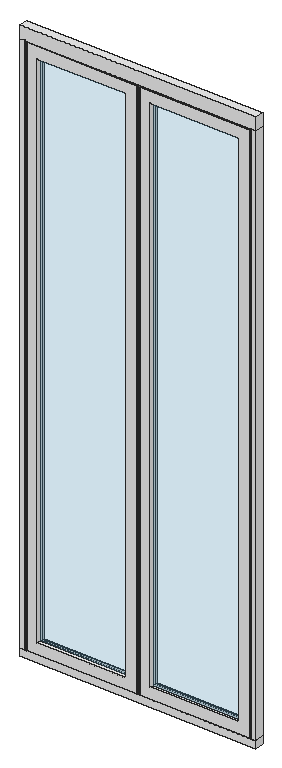
Revit family "Window-NanaWall-SL-45", category Windows, host Wall, Revit 2013 (continued)
Definition of nested family "Left-Jamb_SL-45"
  Definition of nested family "Left-Jamb_Nana_Walls-S45"
    Lines and regions (in)
      model lines, style "DetailComponents", in view "Ref. Level", visible <- "Half"
        curve 43: arc (1.22037, 0.17913, 0) -> (1.23429, 0.1849, 0) -> (1.24006, 0.19882, 0) r 0.01969
        curve 44: arc (1.03994, 0.17913, 0) -> (1.05083, 0.18242, 0) -> (1.05809, 0.19119, 0) r 0.01969
        curve 45: arc (0.99409, 0.23819, 0) -> (1.00989, 0.21889, 0) -> (1.03193, 0.23056, 0) r 0.01969
        curve 46: arc (0.94488, 0.19882, 0) -> (0.95065, 0.1849, 0) -> (0.96457, 0.17913, 0) r 0.01969
        curve 47: arc (1.10247, 0.34331, 0) -> (1.09516, 0.34745, 0) -> (1.08827, 0.34264, 0) r 0.00787
        curve 48: arc (1.22037, -0.90354, 0) -> (1.23429, -0.89778, 0) -> (1.24006, -0.88386, 0) r 0.01969
        curve 49: line (2.90731, -0.23763, 0) -> (3.10664, -0.30969, 0)
        curve 50: line (3.3831, -0.30609, 0) -> (3.42144, -0.25133, 0)
        curve 51: line (3.48536, -0.27781, 0) -> (3.46006, -0.42126, 0)
        curve 52: line (3.46006, -0.42126, 0) -> (3.40551, -0.45276, 0)
        curve 53: line (3.40551, -0.45276, 0) -> (3.40551, -0.37402, 0)
        curve 54: line (3.40551, -0.37402, 0) -> (3.30709, -0.37402, 0)
        curve 55: line (3.30709, -0.37402, 0) -> (3.30709, -0.40551, 0)
        curve 56: line (3.30709, -0.40551, 0) -> (2.89256, -0.28249, 0)
        curve 57: line (3.43343, 0.55118, 0) -> (3.30877, 0.55118, 0)
        curve 58: line (3.40551, 0.70866, 0) -> (3.30709, 0.70866, 0)
        curve 59: line (3.30709, 0.70866, 0) -> (3.30709, 0.74803, 0)
        curve 60: line (3.30709, 0.74803, 0) -> (3.34646, 0.74803, 0)
        curve 61: line (3.34646, 0.74803, 0) -> (3.29218, 0.80231, 0)
        curve 62: line (3.26213, 0.79968, 0) -> (3.25545, 0.79013, 0)
        curve 63: line (3.02756, 0.67126, 0) -> (3.24195, 0.67126, 0)
        curve 64: line (3.19094, 0.75655, 0) -> (3.15157, 0.75655, 0)
        curve 65: line (3.08707, 0.79013, 0) -> (3.08039, 0.79968, 0)
        curve 66: line (3.05034, 0.80231, 0) -> (2.99606, 0.74803, 0)
        curve 67: line (2.99606, 0.74803, 0) -> (3.02756, 0.74803, 0)
        curve 68: line (3.02756, 0.74803, 0) -> (3.02756, 0.70866, 0)
        curve 69: line (3.02756, 0.70866, 0) -> (2.99606, 0.70866, 0)
        curve 70: line (2.99606, 0.70866, 0) -> (2.99606, 0.70079, 0)
        curve 71: line (1.24006, -0.19882, 0) -> (1.24006, -0.3937, 0)
        curve 72: line (1.24006, -0.3937, 0) -> (1.29878, -0.3937, 0)
        curve 73: line (1.29786, -0.39024, 0) -> (1.31102, -0.39707, 0)
        curve 74: line (1.31102, -0.39707, 0) -> (1.323, -0.36417, 0)
        curve 75: line (1.323, -0.36417, 0) -> (1.39764, -0.43882, 0)
        curve 76: line (1.39764, -0.43882, 0) -> (1.39764, -0.64386, 0)
        curve 77: line (1.39764, -0.64386, 0) -> (1.323, -0.7185, 0)
        curve 78: line (1.323, -0.7185, 0) -> (1.31102, -0.68561, 0)
        curve 79: line (1.31102, -0.68561, 0) -> (1.29786, -0.69244, 0)
        curve 80: line (1.29878, -0.68898, 0) -> (1.24006, -0.68898, 0)
        curve 81: line (1.24006, -0.68898, 0) -> (1.24006, -0.88386, 0)
        curve 82: line (1.22037, -0.90354, 0) -> (1.1688, -0.90354, 0)
        curve 83: line (1.1688, -0.90354, 0) -> (1.22037, -0.90354, 0)
        curve 84: line (1.03994, -0.90354, 0) -> (0.96457, -0.90354, 0)
        curve 85: line (0.96457, -0.90354, 0) -> (1.03994, -0.90354, 0)
        curve 86: line (1.15391, -0.81442, 0) -> (1.10987, -0.66983, 0)
        curve 87: line (1.37008, -0.46693, 0) -> (1.34007, -0.43693, 0)
        curve 88: line (1.34007, -0.43693, 0) -> (1.27165, -0.44291, 0)
        curve 89: line (1.27165, -0.44291, 0) -> (1.27165, -0.63976, 0)
        curve 90: line (1.27165, -0.63976, 0) -> (1.34007, -0.64575, 0)
        curve 91: line (1.34007, -0.64575, 0) -> (1.37008, -0.61574, 0)
        curve 92: line (1.37008, -0.61574, 0) -> (1.37008, -0.46693, 0)
        curve 93: line (1.19094, -0.27756, 0) -> (1.19094, -0.48737, 0)
        curve 94: line (1.19094, -0.48737, 0) -> (1.2126, -0.53068, 0)
        curve 95: line (1.2126, -0.53068, 0) -> (1.2126, -0.54134, 0)
        curve 96: line (1.2126, -0.54134, 0) -> (1.2126, -0.552, 0)
        curve 97: line (1.2126, -0.552, 0) -> (1.19094, -0.59531, 0)
        curve 98: line (1.19094, -0.59531, 0) -> (1.19094, -0.80512, 0)
        curve 99: line (1.03193, -0.85212, 0) -> (1.07437, -0.67151, 0)
        curve 100: line (0.99409, -0.23819, 0) -> (0.99409, -0.54134, 0)
        curve 101: line (0.99409, -0.54134, 0) -> (0.99409, -0.84449, 0)
        curve 102: line (1.15145, -0.89316, 0) -> (1.10247, -0.73937, 0)
        curve 103: line (1.05809, -0.89149, 0) -> (1.08827, -0.74004, 0)
        curve 104: line (1.1688, -0.17913, 0) -> (1.22037, -0.17913, 0)
        curve 105: line (1.15145, -0.18952, 0) -> (1.10247, -0.34331, 0)
        curve 106: line (0.96457, -0.17913, 0) -> (1.03994, -0.17913, 0)
        curve 107: line (1.05809, -0.19119, 0) -> (1.08827, -0.34264, 0)
        curve 108: line (1.15391, -0.26826, 0) -> (1.10987, -0.41284, 0)
        curve 109: line (0.94488, -0.19882, 0) -> (0.94488, -0.88386, 0)
        curve 110: line (1.03193, -0.23056, 0) -> (1.07437, -0.41117, 0)
        curve 111: line (1.24006, 0.19882, 0) -> (1.24006, 0.3937, 0)
        curve 112: line (1.24006, 0.3937, 0) -> (1.29878, 0.3937, 0)
        curve 113: line (1.29786, 0.39024, 0) -> (1.31102, 0.39707, 0)
        curve 114: line (1.31102, 0.39707, 0) -> (1.323, 0.36417, 0)
        curve 115: line (1.323, 0.36417, 0) -> (1.39764, 0.43882, 0)
        curve 116: line (1.39764, 0.43882, 0) -> (1.39764, 0.64386, 0)
        curve 117: line (1.39764, 0.64386, 0) -> (1.323, 0.7185, 0)
        curve 118: line (1.323, 0.7185, 0) -> (1.31102, 0.68561, 0)
        curve 119: line (1.31102, 0.68561, 0) -> (1.29786, 0.69244, 0)
        curve 120: line (1.29878, 0.68898, 0) -> (1.24006, 0.68898, 0)
        curve 121: line (1.24006, 0.68898, 0) -> (1.24006, 0.88583, 0)
        curve 122: line (1.15391, 0.81442, 0) -> (1.10987, 0.66983, 0)
        curve 123: line (1.37008, 0.46693, 0) -> (1.34007, 0.43693, 0)
        curve 124: line (1.34007, 0.43693, 0) -> (1.27165, 0.44291, 0)
        curve 125: line (1.27165, 0.44291, 0) -> (1.27165, 0.63976, 0)
        curve 126: line (1.27165, 0.63976, 0) -> (1.34007, 0.64575, 0)
        curve 127: line (1.34007, 0.64575, 0) -> (1.37008, 0.61574, 0)
        curve 128: line (1.37008, 0.61574, 0) -> (1.37008, 0.46693, 0)
        curve 129: line (1.19094, 0.27756, 0) -> (1.19094, 0.48737, 0)
        curve 130: line (1.19094, 0.48737, 0) -> (1.2126, 0.53068, 0)
        curve 131: line (1.2126, 0.53068, 0) -> (1.2126, 0.54134, 0)
        curve 132: line (1.2126, 0.54134, 0) -> (1.2126, 0.552, 0)
        curve 133: line (1.2126, 0.552, 0) -> (1.19094, 0.59531, 0)
        curve 134: line (1.19094, 0.59531, 0) -> (1.19094, 0.80512, 0)
        curve 135: line (1.03193, 0.85212, 0) -> (1.07437, 0.67151, 0)
        curve 136: line (0.99409, 0.23819, 0) -> (0.99409, 0.54134, 0)
        curve 137: line (0.99409, 0.54134, 0) -> (0.99409, 0.84449, 0)
        curve 138: line (1.15145, 0.89316, 0) -> (1.10247, 0.73937, 0)
        curve 139: line (1.05809, 0.89149, 0) -> (1.08827, 0.74004, 0)
        curve 140: line (1.1688, 0.17913, 0) -> (1.22037, 0.17913, 0)
        curve 141: line (1.15145, 0.18952, 0) -> (1.10247, 0.34331, 0)
        curve 142: line (0.96457, 0.17913, 0) -> (1.03994, 0.17913, 0)
        curve 143: line (1.05809, 0.19119, 0) -> (1.08827, 0.34264, 0)
        curve 144: line (1.15391, 0.26826, 0) -> (1.10987, 0.41284, 0)
        curve 145: line (0.94488, 0.19882, 0) -> (0.94488, 0.88583, 0)
        curve 146: line (1.03193, 0.23056, 0) -> (1.07437, 0.41117, 0)
        curve 147: arc (0.97126, -0.91394, 0) -> (0.9793, -0.90668, 0) -> (0.98228, -0.89626, 0) r 0.01969
        curve 148: circle (1.09252, -1.16142, 0) r 0.12205 normal (0, 0, 1)
        curve 149: circle (1.09252, -1.16142, 0) r 0.15748 normal (0, 0, 1)
        curve 150: arc (0.97126, -0.91394, 0) -> (0.94669, -1.39526, 0) -> (1.36811, -1.16142, 0) r 0.27559
        curve 151: circle (1.09252, -1.16142, 0) r 0.17717 normal (0, 0, 1)
        curve 152: circle (1.09252, -1.16142, 0) r 0.14764 normal (0, 0, 1)
        curve 153: arc (0.8563, -1.16142, 0) -> (1.2145, -1.3637, 0) -> (1.20276, -0.9525, 0) r 0.23622
        curve 154: circle (1.09252, -1.16142, 0) r 0.12795 normal (0, 0, 1)
        curve 155: line (1.16339, -0.97777, 0) -> (1.20276, -0.9525, 0)
        curve 156: line (0.97441, -0.88583, 0) -> (0.91535, -0.88583, 0)
        curve 157: line (0.91535, -0.88583, 0) -> (0.8563, -0.90165, 0)
        curve 158: line (0.8563, -0.90165, 0) -> (0.8563, -1.16142, 0)
        curve 159: line (0.98228, -0.89626, 0) -> (0.98228, -0.88583, 0)
        curve 160: line (1.21063, -0.88583, 0) -> (1.26969, -0.88583, 0)
        curve 161: line (1.26969, -0.88583, 0) -> (1.36811, -0.9122, 0)
        curve 162: line (1.36811, -0.9122, 0) -> (1.36811, -1.16142, 0)
        curve 163: line (1.09252, -1.55512, 0) -> (1.09252, -0.76772, 0)
        curve 164: line (0.69882, -1.16142, 0) -> (1.48622, -1.16142, 0)
        curve 165: line (1.20276, -0.88583, 0) -> (1.20276, -0.9525, 0)
        curve 194: arc (1.24063, 0.27988, 0) -> (1.24448, 0.26328, 0) -> (1.25984, 0.25591, 0) r 0.01969
        curve 195: arc (1.24006, 0.70165, 0) -> (1.24606, 0.79374, 0) -> (1.24016, 0.88583, 0) r 0.71502
        curve 196: arc (1.24006, 0.27735, 0) -> (1.24606, 0.32902, 0) -> (1.24006, 0.38069, 0) r 0.22532
        curve 197: arc (1.43307, 0.79528, 0) -> (1.42731, 0.8092, 0) -> (1.41339, 0.81496, 0) r 0.01969
        curve 198: arc (1.29134, 0.68898, 0) -> (1.29691, 0.69128, 0) -> (1.29921, 0.69685, 0) r 0.00787
        curve 199: arc (1.61417, 0.72835, 0) -> (1.6257, 0.70051, 0) -> (1.65354, 0.68898, 0) r 0.03937
        curve 200: arc (1.6811, 0.30315, 0) -> (1.67534, 0.31707, 0) -> (1.66142, 0.32283, 0) r 0.01969
        curve 201: arc (1.41339, 0.31496, 0) -> (1.42731, 0.32073, 0) -> (1.43307, 0.33465, 0) r 0.01969
        curve 202: arc (1.29921, 0.38583, 0) -> (1.29691, 0.39139, 0) -> (1.29134, 0.3937, 0) r 0.00787
        curve 203: arc (1.61417, 0.23622, 0) -> (1.60841, 0.25014, 0) -> (1.59449, 0.25591, 0) r 0.01969
        curve 204: arc (2.43307, 0.5315, 0) -> (2.41915, 0.52573, 0) -> (2.41339, 0.51181, 0) r 0.01969
        curve 205: arc (2.34646, 0.14837, 0) -> (2.34945, 0.1333, 0) -> (2.35799, 0.12053, 0) r 0.03937
        curve 206: arc (2.94094, 0.74803, 0) -> (2.95248, 0.72019, 0) -> (2.98031, 0.70866, 0) r 0.03937
        curve 207: arc (2.55906, 0.48031, 0) -> (2.56214, 0.47407, 0) -> (2.56897, 0.47271, 0) r 0.00787
        curve 208: arc (2.61811, 0.54545, 0) -> (2.61312, 0.55855, 0) -> (2.60068, 0.565, 0) r 0.01969
        curve 209: arc (2.56897, 0.1139, 0) -> (2.56214, 0.11255, 0) -> (2.55906, 0.1063, 0) r 0.00787
        curve 210: arc (2.52545, 0.05329, 0) -> (2.5469, 0.04902, 0) -> (2.55906, 0.06721, 0) r 0.01969
        curve 211: arc (1.25984, -0.25591, 0) -> (1.24448, -0.26328, 0) -> (1.24063, -0.27988, 0) r 0.01969
        curve 212: arc (1.24006, -0.38069, 0) -> (1.24606, -0.32902, 0) -> (1.24006, -0.27735, 0) r 0.22532
        curve 213: arc (1.24016, -0.88583, 0) -> (1.24606, -0.79374, 0) -> (1.24006, -0.70165, 0) r 0.71502
        curve 214: arc (1.59449, -0.25591, 0) -> (1.60841, -0.25014, 0) -> (1.61417, -0.23622, 0) r 0.01969
        curve 215: arc (1.29134, -0.3937, 0) -> (1.29691, -0.39139, 0) -> (1.29921, -0.38583, 0) r 0.00787
        curve 216: arc (1.43307, -0.33465, 0) -> (1.42731, -0.32073, 0) -> (1.41339, -0.31496, 0) r 0.01969
        curve 217: arc (1.66142, -0.32283, 0) -> (1.67534, -0.31707, 0) -> (1.6811, -0.30315, 0) r 0.01969
        curve 218: arc (2.38583, -0.25197, 0) -> (2.35799, -0.2635, 0) -> (2.34646, -0.29134, 0) r 0.03937
        curve 219: arc (2.43307, -0.32283, 0) -> (2.41915, -0.3286, 0) -> (2.41339, -0.34252, 0) r 0.01969
        curve 220: arc (1.29921, -0.69685, 0) -> (1.29691, -0.69128, 0) -> (1.29134, -0.68898, 0) r 0.00787
        curve 221: arc (1.41339, -0.81496, 0) -> (1.42731, -0.8092, 0) -> (1.43307, -0.79528, 0) r 0.01969
        curve 222: arc (1.65354, -0.68898, 0) -> (1.6257, -0.70051, 0) -> (1.61417, -0.72835, 0) r 0.03937
        curve 223: arc (2.41339, -0.80709, 0) -> (2.41915, -0.82101, 0) -> (2.43307, -0.82677, 0) r 0.01969
        curve 224: arc (2.55906, -0.38583, 0) -> (2.56214, -0.39207, 0) -> (2.56897, -0.39343, 0) r 0.00787
        curve 225: arc (2.61811, -0.70241, 0) -> (2.6122, -0.79412, 0) -> (2.61811, -0.88583, 0) r 0.71502
        curve 226: arc (2.56897, -0.68924, 0) -> (2.56214, -0.6906, 0) -> (2.55906, -0.69685, 0) r 0.00787
        curve 227: arc (2.49522, -0.37469, 0) -> (2.49003, -0.38145, 0) -> (2.48819, -0.38977, 0) r 0.01969
        curve 228: arc (2.55906, -0.34646, 0) -> (2.55234, -0.3358, 0) -> (2.53983, -0.33726, 0) r 0.01181
        curve 229: arc (2.48819, -0.40157, 0) -> (2.49395, -0.41549, 0) -> (2.50787, -0.42126, 0) r 0.01969
        curve 230: arc (2.50394, -0.64961, 0) -> (2.48939, -0.65933, 0) -> (2.4928, -0.67649, 0) r 0.01575
        curve 231: arc (2.51836, -0.70205, 0) -> (2.52427, -0.70472, 0) -> (2.53019, -0.70205, 0) r 0.00787
        curve 232: arc (2.68321, -0.36825, 0) -> (2.6896, -0.37252, 0) -> (2.69713, -0.37402, 0) r 0.01969
        curve 233: arc (2.67899, -0.36403, 0) -> (2.67261, -0.35977, 0) -> (2.66507, -0.35827, 0) r 0.01969
        curve 234: arc (3.02756, -0.38583, 0) -> (3.0241, -0.37748, 0) -> (3.01575, -0.37402, 0) r 0.01181
        curve 235: arc (2.93307, -0.49213, 0) -> (2.94691, -0.52553, 0) -> (2.98031, -0.53937, 0) r 0.04724
        curve 236: arc (2.6811, -0.69685, 0) -> (2.66726, -0.66344, 0) -> (2.63386, -0.64961, 0) r 0.04724
        curve 237: arc (3.3189, -0.37402, 0) -> (3.31055, -0.37748, 0) -> (3.30709, -0.38583, 0) r 0.01181
        curve 288: line (1.6811, 0.30315, 0) -> (1.6811, -0.30315, 0)
        curve 289: line (2.41339, 0.51181, 0) -> (2.41339, 0.16535, 0)
        curve 290: line (2.41339, 0.16535, 0) -> (2.52545, 0.05329, 0)
        curve 291: line (2.55906, 0.48031, 0) -> (2.55906, 0.5315, 0)
        curve 292: line (2.55906, 0.5315, 0) -> (2.43307, 0.5315, 0)
        curve 293: line (2.60068, 0.565, 0) -> (2.41339, 0.58661, 0)
        curve 294: line (2.41339, 0.58661, 0) -> (2.41339, 0.8189, 0)
        curve 295: line (2.41339, 0.8189, 0) -> (2.94094, 0.8189, 0)
        curve 296: line (2.94094, 0.8189, 0) -> (2.94094, 0.74803, 0)
        curve 297: line (1.24006, 0.38024, 0) -> (1.2903, 0.3937, 0)
        curve 298: line (1.2903, 0.68898, 0) -> (1.24006, 0.70244, 0)
        curve 299: line (2.34646, 0.14837, 0) -> (2.34646, 0.80709, 0)
        curve 300: line (2.34646, 0.80709, 0) -> (1.6811, 0.80709, 0)
        curve 301: line (1.6811, 0.80709, 0) -> (1.6811, 0.68898, 0)
        curve 302: line (1.6811, 0.68898, 0) -> (1.65354, 0.68898, 0)
        curve 303: line (1.43307, 0.33465, 0) -> (1.43307, 0.79528, 0)
        curve 304: line (1.61417, 0.72835, 0) -> (1.61417, 0.81496, 0)
        curve 305: line (1.61417, 0.81496, 0) -> (1.5, 0.81496, 0)
        curve 306: line (1.5, 0.81496, 0) -> (1.5, 0.32283, 0)
        curve 307: line (1.5, 0.32283, 0) -> (1.66142, 0.32283, 0)
        curve 308: line (1.41339, 0.81496, 0) -> (1.29921, 0.81496, 0)
        curve 309: line (1.29921, 0.81496, 0) -> (1.29921, 0.69685, 0)
        curve 310: line (1.29921, 0.38583, 0) -> (1.29921, 0.31496, 0)
        curve 311: line (1.29921, 0.31496, 0) -> (1.41339, 0.31496, 0)
        curve 312: line (1.25984, 0.25591, 0) -> (1.59449, 0.25591, 0)
        curve 313: line (1.24006, 0.88583, 0) -> (3.40551, 0.88583, 0)
        curve 314: line (3.40551, 0.88583, 0) -> (3.40551, 0.70866, 0)
        curve 315: line (3.40551, 0.70866, 0) -> (3.30709, 0.70866, 0)
        curve 316: line (3.30709, 0.70866, 0) -> (3.30709, 0.74803, 0)
        curve 317: line (3.30709, 0.74803, 0) -> (3.34646, 0.74803, 0)
        curve 318: line (3.34646, 0.74803, 0) -> (3.34646, 0.82677, 0)
        curve 319: line (3.34646, 0.82677, 0) -> (2.98819, 0.82677, 0)
        curve 320: line (2.98819, 0.82677, 0) -> (2.98819, 0.74803, 0)
        curve 321: line (2.98819, 0.74803, 0) -> (3.02756, 0.74803, 0)
        curve 322: line (3.02756, 0.74803, 0) -> (3.02756, 0.70866, 0)
        curve 323: line (3.02756, 0.70866, 0) -> (2.98031, 0.70866, 0)
        curve 324: line (2.61811, 0.54545, 0) -> (2.61811, 0.48588, 0)
        curve 325: line (2.61811, 0.48588, 0) -> (2.56897, 0.47271, 0)
        curve 326: line (2.55906, 0.06721, 0) -> (2.55906, 0.1063, 0)
        curve 327: line (2.43307, -0.82677, 0) -> (2.55906, -0.82677, 0)
        curve 328: line (2.55906, -0.82677, 0) -> (2.55906, -0.69685, 0)
        curve 329: line (2.55906, -0.38583, 0) -> (2.55906, -0.32283, 0)
        curve 330: line (2.55906, -0.32283, 0) -> (2.43307, -0.32283, 0)
        curve 331: line (2.38583, -0.25197, 0) -> (2.54724, -0.25197, 0)
        curve 332: line (2.54724, -0.25197, 0) -> (2.54724, -0.06872, 0)
        curve 333: line (2.54724, -0.06872, 0) -> (2.35799, 0.12053, 0)
        curve 334: line (1.2903, -0.68898, 0) -> (1.24006, -0.70244, 0)
        curve 335: line (1.24006, -0.38024, 0) -> (1.2903, -0.3937, 0)
        curve 336: line (1.65354, -0.68898, 0) -> (1.6811, -0.68898, 0)
        curve 337: line (1.6811, -0.68898, 0) -> (1.6811, -0.80709, 0)
        curve 338: line (1.6811, -0.80709, 0) -> (2.34646, -0.80709, 0)
        curve 339: line (2.34646, -0.80709, 0) -> (2.34646, -0.29134, 0)
        curve 340: line (2.41339, -0.34252, 0) -> (2.41339, -0.80709, 0)
        curve 341: line (1.43307, -0.33465, 0) -> (1.43307, -0.79528, 0)
        curve 342: line (1.61417, -0.72835, 0) -> (1.61417, -0.81496, 0)
        curve 343: line (1.61417, -0.81496, 0) -> (1.5, -0.81496, 0)
        curve 344: line (1.5, -0.81496, 0) -> (1.5, -0.32283, 0)
        curve 345: line (1.5, -0.32283, 0) -> (1.66142, -0.32283, 0)
        curve 346: line (1.25984, -0.25591, 0) -> (1.59449, -0.25591, 0)
        curve 347: line (1.61417, -0.23622, 0) -> (1.61417, -0.02046, 0)
        curve 348: line (1.61417, -0.02046, 0) -> (1.62598, 0, 0)
        curve 349: line (1.62598, 0, 0) -> (1.61417, 0.02046, 0)
        curve 350: line (1.61417, 0.02046, 0) -> (1.61417, 0.23622, 0)
        curve 351: line (1.29921, -0.38583, 0) -> (1.29921, -0.31496, 0)
        curve 352: line (1.29921, -0.31496, 0) -> (1.41339, -0.31496, 0)
        curve 353: line (1.41339, -0.81496, 0) -> (1.29921, -0.81496, 0)
        curve 354: line (1.29921, -0.81496, 0) -> (1.29921, -0.69685, 0)
        curve 355: line (2.56897, -0.39343, 0) -> (2.61811, -0.38026, 0)
        curve 356: line (2.61811, -0.38026, 0) -> (2.61811, -0.03937, 0)
        curve 357: line (2.61811, -0.03937, 0) -> (2.57874, 0, 0)
        curve 358: line (2.57874, 0, 0) -> (2.61811, 0.03937, 0)
        curve 359: line (2.61811, 0.03937, 0) -> (2.61811, 0.10074, 0)
        curve 360: line (2.61811, 0.10074, 0) -> (2.56897, 0.1139, 0)
        curve 361: line (2.56897, -0.68924, 0) -> (2.61811, -0.70241, 0)
        curve 362: line (2.93307, -0.49213, 0) -> (2.93307, -0.42126, 0)
        curve 363: line (2.93307, -0.42126, 0) -> (2.50787, -0.42126, 0)
        curve 364: line (2.66507, -0.35827, 0) -> (2.63386, -0.35827, 0)
        curve 365: line (2.63386, -0.35827, 0) -> (2.63386, -0.38189, 0)
        curve 366: line (2.63386, -0.38189, 0) -> (2.54724, -0.38189, 0)
        curve 367: line (2.54724, -0.38189, 0) -> (2.54724, -0.3622, 0)
        curve 368: line (2.54724, -0.3622, 0) -> (2.55906, -0.3622, 0)
        curve 369: line (2.55906, -0.3622, 0) -> (2.55906, -0.34646, 0)
        curve 370: line (2.63386, -0.64961, 0) -> (2.50394, -0.64961, 0)
        curve 371: line (1.24016, -0.88583, 0) -> (2.61811, -0.88583, 0)
        curve 372: line (2.61811, -0.88583, 0) -> (2.61811, -0.83858, 0)
        curve 373: line (2.61811, -0.83858, 0) -> (2.63386, -0.83858, 0)
        curve 374: line (2.63386, -0.83858, 0) -> (2.63386, -0.68898, 0)
        curve 375: line (2.63386, -0.68898, 0) -> (2.54652, -0.68898, 0)
        curve 376: line (2.49522, -0.37469, 0) -> (2.53983, -0.33726, 0)
        curve 377: line (2.48819, -0.40157, 0) -> (2.48819, -0.38977, 0)
        curve 378: line (2.54096, -0.69128, 0) -> (2.53019, -0.70205, 0)
        curve 379: line (2.4928, -0.67649, 0) -> (2.51836, -0.70205, 0)
        curve 380: line (2.98031, -0.53937, 0) -> (3.35039, -0.53937, 0)
        curve 381: line (3.35039, -0.53937, 0) -> (3.35039, -0.83071, 0)
        curve 382: line (3.35039, -0.83071, 0) -> (2.6811, -0.83071, 0)
        curve 383: line (2.6811, -0.83071, 0) -> (2.6811, -0.69685, 0)
        curve 384: line (3.3189, -0.37402, 0) -> (3.40551, -0.37402, 0)
        curve 385: line (3.40551, -0.37402, 0) -> (3.40551, -0.88583, 0)
        curve 386: line (3.40551, -0.88583, 0) -> (2.61811, -0.88583, 0)
        curve 387: line (3.30709, -0.38583, 0) -> (3.30709, -0.41339, 0)
        curve 388: line (3.30709, -0.41339, 0) -> (3.35039, -0.41339, 0)
        curve 389: line (3.35039, -0.41339, 0) -> (3.35039, -0.49213, 0)
        curve 390: line (3.35039, -0.49213, 0) -> (2.98031, -0.49213, 0)
        curve 391: line (2.98031, -0.49213, 0) -> (2.98031, -0.41339, 0)
        curve 392: line (2.98031, -0.41339, 0) -> (3.02756, -0.41339, 0)
        curve 393: line (3.02756, -0.41339, 0) -> (3.02756, -0.38583, 0)
        curve 394: line (3.01575, -0.37402, 0) -> (2.69713, -0.37402, 0)
      model lines, style "DetailComponents", in view "Ref. Level"
        curve 166: arc (0.94488, -0.70269, 0) -> (0.93898, -0.79426, 0) -> (0.94488, -0.88583, 0) r 0.71286
        curve 167: arc (0.75197, -0.79528, 0) -> (0.75773, -0.8092, 0) -> (0.77165, -0.81496, 0) r 0.01969
        curve 168: arc (0.8937, -0.68898, 0) -> (0.88813, -0.69128, 0) -> (0.88583, -0.69685, 0) r 0.00787
        curve 169: arc (0.88583, -0.38583, 0) -> (0.88813, -0.39139, 0) -> (0.8937, -0.3937, 0) r 0.00787
        curve 170: arc (0.85827, -0.24803, 0) -> (0.87219, -0.24227, 0) -> (0.87795, -0.22835, 0) r 0.01969
        curve 171: arc (0.72441, -0.24803, 0) -> (0.69657, -0.25956, 0) -> (0.68504, -0.2874, 0) r 0.03937
        curve 172: arc (0.77165, -0.31496, 0) -> (0.75773, -0.32073, 0) -> (0.75197, -0.33465, 0) r 0.01969
        curve 173: arc (0, -0.88583, 0) -> (0.00591, -0.79426, 0) -> (0, -0.70269, 0) r 0.71286
        curve 174: arc (0.17323, -0.81496, 0) -> (0.18715, -0.8092, 0) -> (0.19291, -0.79528, 0) r 0.01969
        curve 175: arc (0.05906, -0.69685, 0) -> (0.05675, -0.69128, 0) -> (0.05118, -0.68898, 0) r 0.00787
        curve 176: arc (0.05118, -0.3937, 0) -> (0.05675, -0.39139, 0) -> (0.05906, -0.38583, 0) r 0.00787
        curve 177: arc (0.25984, -0.2874, 0) -> (0.24831, -0.25956, 0) -> (0.22047, -0.24803, 0) r 0.03937
        curve 178: arc (0.19291, -0.33465, 0) -> (0.18715, -0.32073, 0) -> (0.17323, -0.31496, 0) r 0.01969
        curve 179: arc (0.06693, -0.22835, 0) -> (0.07269, -0.24227, 0) -> (0.08661, -0.24803, 0) r 0.01969
        curve 180: arc (0.77165, 0.81496, 0) -> (0.75773, 0.8092, 0) -> (0.75197, 0.79528, 0) r 0.01969
        curve 181: arc (0.94488, 0.88583, 0) -> (0.93898, 0.79426, 0) -> (0.94488, 0.70269, 0) r 0.71286
        curve 182: arc (0.87795, 0.22835, 0) -> (0.87219, 0.24227, 0) -> (0.85827, 0.24803, 0) r 0.01969
        curve 183: arc (0.8937, 0.3937, 0) -> (0.88813, 0.39139, 0) -> (0.88583, 0.38583, 0) r 0.00787
        curve 184: arc (0.75197, 0.33465, 0) -> (0.75773, 0.32073, 0) -> (0.77165, 0.31496, 0) r 0.01969
        curve 185: arc (0.68504, 0.2874, 0) -> (0.69657, 0.25956, 0) -> (0.72441, 0.24803, 0) r 0.03937
        curve 186: arc (0.88583, 0.69685, 0) -> (0.88813, 0.69128, 0) -> (0.8937, 0.68898, 0) r 0.00787
        curve 187: arc (0.19291, 0.79528, 0) -> (0.18715, 0.8092, 0) -> (0.17323, 0.81496, 0) r 0.01969
        curve 188: arc (0, 0.70269, 0) -> (0.00591, 0.79426, 0) -> (0, 0.88583, 0) r 0.71286
        curve 189: arc (0.17323, 0.31496, 0) -> (0.18715, 0.32073, 0) -> (0.19291, 0.33465, 0) r 0.01969
        curve 190: arc (0.22047, 0.24803, 0) -> (0.24831, 0.25956, 0) -> (0.25984, 0.2874, 0) r 0.03937
        curve 191: arc (0.08661, 0.24803, 0) -> (0.07269, 0.24227, 0) -> (0.06693, 0.22835, 0) r 0.01969
        curve 192: arc (0.05906, 0.38583, 0) -> (0.05675, 0.39139, 0) -> (0.05118, 0.3937, 0) r 0.00787
        curve 193: arc (0.05118, 0.68898, 0) -> (0.05675, 0.69128, 0) -> (0.05906, 0.69685, 0) r 0.00787
        curve 238: line (0.87795, 0.22835, 0) -> (0.87795, -0.22835, 0)
        curve 239: line (0.06693, 0.22835, 0) -> (0.06693, -0.22835, 0)
        curve 240: line (0, -0.88583, 0) -> (0.94488, -0.88583, 0)
        curve 241: line (0.68504, -0.2874, 0) -> (0.68504, -0.80709, 0)
        curve 242: line (0.68504, -0.80709, 0) -> (0.25984, -0.80709, 0)
        curve 243: line (0.25984, -0.80709, 0) -> (0.25984, -0.2874, 0)
        curve 244: line (0.88583, -0.69685, 0) -> (0.88583, -0.81496, 0)
        curve 245: line (0.88583, -0.81496, 0) -> (0.77165, -0.81496, 0)
        curve 246: line (0.75197, -0.79528, 0) -> (0.75197, -0.33465, 0)
        curve 247: line (0.8937, -0.3937, 0) -> (0.94488, -0.37999, 0)
        curve 248: line (0.94488, -0.37999, 0) -> (0.94488, -0.02046, 0)
        curve 249: line (0.94488, -0.02046, 0) -> (0.93307, 0, 0)
        curve 250: line (0.93307, 0, 0) -> (0.94488, 0.02046, 0)
        curve 251: line (0.94488, 0.02046, 0) -> (0.94488, 0.37999, 0)
        curve 252: line (0.94488, 0.37999, 0) -> (0.8937, 0.3937, 0)
        curve 253: line (0.77165, -0.31496, 0) -> (0.88583, -0.31496, 0)
        curve 254: line (0.88583, -0.31496, 0) -> (0.88583, -0.38583, 0)
        curve 255: line (0.94488, -0.70269, 0) -> (0.8937, -0.68898, 0)
        curve 256: line (0.85827, -0.24803, 0) -> (0.72441, -0.24803, 0)
        curve 257: line (0.05906, -0.69685, 0) -> (0.05906, -0.81496, 0)
        curve 258: line (0.05906, -0.81496, 0) -> (0.17323, -0.81496, 0)
        curve 259: line (0.19291, -0.79528, 0) -> (0.19291, -0.33465, 0)
        curve 260: line (0, -0.70269, 0) -> (0.05118, -0.68898, 0)
        curve 261: line (0.17323, -0.31496, 0) -> (0.05906, -0.31496, 0)
        curve 262: line (0.05906, -0.31496, 0) -> (0.05906, -0.38583, 0)
        curve 263: line (0.08661, -0.24803, 0) -> (0.22047, -0.24803, 0)
        curve 264: line (0.25984, 0.2874, 0) -> (0.25984, 0.80709, 0)
        curve 265: line (0.25984, 0.80709, 0) -> (0.68504, 0.80709, 0)
        curve 266: line (0.68504, 0.80709, 0) -> (0.68504, 0.2874, 0)
        curve 267: line (0.94488, 0.88583, 0) -> (0, 0.88583, 0)
        curve 268: line (0.88583, 0.69685, 0) -> (0.88583, 0.81496, 0)
        curve 269: line (0.88583, 0.81496, 0) -> (0.77165, 0.81496, 0)
        curve 270: line (0.75197, 0.79528, 0) -> (0.75197, 0.33465, 0)
        curve 271: line (0.72441, 0.24803, 0) -> (0.85827, 0.24803, 0)
        curve 272: line (0.77165, 0.31496, 0) -> (0.88583, 0.31496, 0)
        curve 273: line (0.88583, 0.31496, 0) -> (0.88583, 0.38583, 0)
        curve 274: line (0.94488, 0.70269, 0) -> (0.8937, 0.68898, 0)
        curve 275: line (0.05906, 0.69685, 0) -> (0.05906, 0.81496, 0)
        curve 276: line (0.05906, 0.81496, 0) -> (0.17323, 0.81496, 0)
        curve 277: line (0, 0.70269, 0) -> (0.05118, 0.68898, 0)
        curve 278: line (0.05118, 0.3937, 0) -> (0, 0.37999, 0)
        curve 279: line (0, 0.37999, 0) -> (0, 0.02046, 0)
        curve 280: line (0, 0.02046, 0) -> (0.01181, 0, 0)
        curve 281: line (0.01181, 0, 0) -> (0, -0.02046, 0)
        curve 282: line (0, -0.02046, 0) -> (0, -0.37999, 0)
        curve 283: line (0, -0.37999, 0) -> (0.05118, -0.3937, 0)
        curve 284: line (0.19291, 0.79528, 0) -> (0.19291, 0.33465, 0)
        curve 285: line (0.22047, 0.24803, 0) -> (0.08661, 0.24803, 0)
        curve 286: line (0.17323, 0.31496, 0) -> (0.05906, 0.31496, 0)
        curve 287: line (0.05906, 0.31496, 0) -> (0.05906, 0.38583, 0)
      detail lines, style "DetailComponents", in view "Ref. Level", visible <- "Half"
        curve 395: arc (1.15145, 0.89316, 0) -> (1.15869, 0.90075, 0) -> (1.1688, 0.90354, 0) r 0.01969
        curve 396: arc (1.22037, 0.90354, 0) -> (1.23429, 0.89778, 0) -> (1.24006, 0.88386, 0) r 0.01969
        curve 397: arc (1.03994, 0.90354, 0) -> (1.05083, 0.90025, 0) -> (1.05809, 0.89149, 0) r 0.01969
        curve 398: arc (0.94488, 0.88386, 0) -> (0.95065, 0.89778, 0) -> (0.96457, 0.90354, 0) r 0.01969
        curve 399: line (1.1688, 0.90354, 0) -> (1.22037, 0.90354, 0)
        curve 400: line (0.96457, 0.90354, 0) -> (1.03994, 0.90354, 0)
Definition of nested family "Sash_SL45"
  Parameters (values of type "Sash_SL45")
    Width = 1' - 11 7/128"
    Sash = none
    Height = 9' - 3 123/256"
    Glass = Glass - NanaWall - Generic
    Filler = none
    Assembly Code = ""
  Types (2): name | Width
    Sash_SL45 | 1' - 11 7/128"
    Sash_SL45 full | 3' - 10 7/64"
  Reference planes (in)
    plane 1 "Center (Front/Back)": y = -8.125
    plane 2: z = 0
    plane 3 "Center (Left/Right)": x = 0.01235
    plane 4 "Interior": y = -7.25
    plane 5 "Exterior": y = -9
    plane 6 "Left": x = -11.515
    plane 7 "Right": x = 11.53969
    plane 8 "Left Interior Edge of Sash": x = -9.05406
    plane 9 "Interior Edge of Glass": y = -7.89063
    plane 10 "Exterior Edge of Glass": y = -8.66797
    plane 11 "Left Edge": x = -9.63739
    plane 12 "Right Interior Edge of Sash": x = 9.07875
    plane 13 "Right Edge": x = 9.66209
    plane 14 "Left Interior Edge of Filler": x = -11.22333
    plane 15 "Top": z = 111.48047
    plane 16 "Top Interior Edge of Filler": z = 111.1875
    plane 17 "Bottom Interior Edge of Filler": z = 0.29297
    plane 18 "Right Interior Edge of Filler": x = 11.24802
    plane 19 "Top Edge": z = 109.63281
    plane 20 "Bottom Edge": z = 1.84766
    plane 21 "Left Edge of Glass": x = -9.44989
    plane 22 "Right Edge of Glass": x = 9.47459
    plane 23 "Top Edge of Glass": z = 109.44531
    plane 24 "Bottom Edge of Glass": z = 2.03516
  Forms (in)
    Sweep 1, solid, material <- "Filler"
      path origin (0, -8.125, 0) x (1, 0, 0) y (0, 0, 1)
        loop
          line (11.24802, 0) -> (11.24802, 111.1875) -> (-11.22333, 111.1875) -> (-11.22333, 0)
      profile origin (-11.22333, -8.125, 55.59375) x (0, -1, 0) y (1, 0, 0)
        loop
          line (-0.875, -0.29167) -> (0.875, -0.29167) -> (0.875, 0) -> (-0.875, 0) -> (-0.875, -0.29167)
    Sweep 2, solid, material <- "Sash"
      path origin (0, -8.125, 0) x (1, 0, 0) y (0, 0, 1)
        loop
          line (-11.22333, 111.1875) -> (-11.22333, 0) -> (11.24802, 0) -> (11.24802, 111.1875) -> (-11.22333, 111.1875)
      profile origin (-11.22333, -8.125, 55.59375) x (0, -1, 0) y (1, 0, 0)
        loop
          line (-0.875, 0) -> (0.875, 0) -> (0.875, 2.16927) -> (0.54297, 2.16927) -> (0.54297, 1.58594) -> (-0.23438, 1.58594) -> (-0.23438, 2.16927) -> (-0.875, 2.16927) -> (-0.875, 0)
    Extrusion 3, solid, material "Glass - NanaWall - Generic" <- "Glass"
      sketch origin (0, -8.125, 0) x (1, 0, 0) y (0, 0, 1)
        loop
          line (-9.44989, 109.44531) -> (-9.44989, 2.03516) -> (9.47459, 2.03516) -> (9.47459, 109.44531) -> (-9.44989, 109.44531)
      from -0.23437 to 0.54297
  Lines and regions (in)
    Masking region 1
      outline origin (0, 0, 0) x (1, 0, 0) y (0, 1, 0)
        loop
          line (-11.515, -7.25) -> (-11.515, -9) -> (-9.05406, -9) -> (-9.05406, -8.66797) -> (-9.63739, -8.66797) -> (-9.63739, -7.89063) -> (-9.05406, -7.89063) -> (-9.05406, -7.25) -> (-11.515, -7.25)
    Masking region 2, detail levels medium+fine
      outline origin (0, 0, 0) x (1, 0, 0) y (0, 1, 0)
        loop
          line (-11.515, -7.25) -> (-11.515, -9) -> (-11.22333, -9) -> (-11.22333, -7.25) -> (-11.515, -7.25)
    Masking region 3
      outline origin (0, 0, 0) x (1, 0, 0) y (0, 1, 0)
        loop
          line (9.07875, -7.25) -> (9.07875, -7.89063) -> (9.66209, -7.89063) -> (9.66209, -8.66797) -> (9.07875, -8.66797) -> (9.07875, -9) -> (11.53969, -9) -> (11.53969, -7.25) -> (9.07875, -7.25)
    Masking region 4, detail levels medium+fine
      outline origin (0, 0, 0) x (1, 0, 0) y (0, 1, 0)
        loop
          line (11.24802, -7.25) -> (11.24802, -9) -> (11.53969, -9) -> (11.53969, -7.25) -> (11.24802, -7.25)
    Masking region 5
      outline origin (0, 0, 0) x (1, 0, 0) y (0, 1, 0)
        loop
          line (9.47459, -7.89063) -> (-9.44989, -7.89063) -> (-9.44989, -8.66797) -> (9.47459, -8.66797) -> (9.47459, -7.89063)
    Masking region 6
      outline origin (0, 0, 0) x (1, 0, 0) y (0, 1, 0)
        loop
          line (-9.05406, -7.25) -> (-9.05406, -7.89063) -> (9.07875, -7.89063) -> (9.07875, -7.25) -> (-9.05406, -7.25)
    Masking region 7
      outline origin (0, 0, 0) x (1, 0, 0) y (0, 1, 0)
        loop
          line (-9.05406, -9) -> (9.07875, -9) -> (9.07875, -8.66797) -> (-9.05406, -8.66797) -> (-9.05406, -9)
    Masking region 8
      outline origin (0, 0, 0) x (1, 0, 0) y (0, 1, 0)
        loop
          line (-9.63739, -8.66797) -> (-9.44989, -8.66797) -> (-9.44989, -7.89063) -> (-9.63739, -7.89063) -> (-9.63739, -8.66797)
    Masking region 9
      outline origin (0, 0, 0) x (1, 0, 0) y (0, 1, 0)
        loop
          line (9.66209, -8.66797) -> (9.66209, -7.89063) -> (9.47459, -7.89063) -> (9.47459, -8.66797) -> (9.66209, -8.66797)
    symbolic lines
      curve 1: line (-11.515, -7.25, 0) -> (-11.515, -9, 0)
    symbolic lines, detail levels medium+fine
      curve 2: line (-11.515, -7.25, 0) -> (11.53969, -7.25, 0)
      curve 3: line (-11.515, -9, 0) -> (11.53969, -9, 0)
      curve 4: line (-11.22333, -7.25, 0) -> (-11.22333, -9, 0)
      curve 5: line (11.53969, -7.25, 0) -> (11.53969, -9, 0)
      curve 6: line (11.24802, -7.25, 0) -> (11.24802, -9, 0)
  Text (in)
    text "INTERIOR" at (-58.41771, 10.1947, 0), in view "Ref. Level"
    text "EXTERIOR" at (-58.41771, -20.04114, 0), in view "Ref. Level"
  Dimensions and locks (in)
    equal spacing: plane 4 "Interior", plane 1 "Center (Front/Back)", plane 5 "Exterior"
    equal spacing: plane 6 "Left", plane 3 "Center (Left/Right)", plane 7 "Right"
    plane 4 "Interior" to plane 5 "Exterior" = 0' - 1 3/4"
    locked: plane 6 "Left" to plane 8 "Left Interior Edge of Sash" at 2.46094
    locked: plane 4 "Interior" to plane 9 "Interior Edge of Glass" at 0.64062
    locked: plane 10 "Exterior Edge of Glass" to plane 5 "Exterior" at 0.33203
    locked: plane 11 "Left Edge" to plane 8 "Left Interior Edge of Sash" at 0.58333
    locked: plane 12 "Right Interior Edge of Sash" to plane 7 "Right" at 2.46094
    locked: plane 12 "Right Interior Edge of Sash" to plane 13 "Right Edge" at 0.58333
    locked: plane 6 "Left" to plane 14 "Left Interior Edge of Filler" at 0.29167
    "Height": plane 15 "Top" to level
    "Width": plane 6 "Left" to plane 7 "Right"
    locked: plane 15 "Top" to plane 16 "Top Interior Edge of Filler" at 0.29297
    locked: plane 17 "Bottom Interior Edge of Filler" to level at 0.29297
    locked: plane 20 "Bottom Edge" to plane 17 "Bottom Interior Edge of Filler" at 1.55469
    locked: plane 16 "Top Interior Edge of Filler" to plane 19 "Top Edge" at 1.55469
    locked: plane 18 "Right Interior Edge of Filler" to plane 7 "Right" at 0.29167
    locked: plane 11 "Left Edge" to plane 21 "Left Edge of Glass" at 0.1875
    locked: plane 22 "Right Edge of Glass" to plane 13 "Right Edge" at 0.1875
    locked: plane 19 "Top Edge" to plane 23 "Top Edge of Glass" at 0.1875
    locked: plane 24 "Bottom Edge of Glass" to plane 20 "Bottom Edge" at 0.1875
    aligned and locked: Sweep 1 sketch curve to plane 14 "Left Interior Edge of Filler"
    aligned and locked: Sweep 1 sketch curve to plane 16 "Top Interior Edge of Filler"
    aligned and locked: Sweep 1 sketch curve to plane 18 "Right Interior Edge of Filler"
    aligned and locked: plane 6 "Left" to Sweep 1 sketch curve
    aligned and locked: plane 4 "Interior" to Sweep 1 sketch curve
    aligned and locked: plane 14 "Left Interior Edge of Filler" to Sweep 1 sketch curve
    aligned and locked: plane 5 "Exterior" to Sweep 1 sketch curve
    aligned and locked: Sweep 2 sketch curve to plane 14 "Left Interior Edge of Filler"
    aligned and locked: Sweep 2 sketch curve to plane 16 "Top Interior Edge of Filler"
    aligned and locked: Sweep 2 sketch curve to plane 18 "Right Interior Edge of Filler"
    aligned and locked: plane 14 "Left Interior Edge of Filler" to Sweep 2 sketch curve
    aligned and locked: plane 4 "Interior" to Sweep 2 sketch curve
    aligned and locked: plane 8 "Left Interior Edge of Sash" to Sweep 2 sketch curve  (x2)
    aligned and locked: plane 9 "Interior Edge of Glass" to Sweep 2 sketch curve
    aligned and locked: plane 11 "Left Edge" to Sweep 2 sketch curve
    aligned and locked: plane 10 "Exterior Edge of Glass" to Sweep 2 sketch curve
    aligned and locked: plane 5 "Exterior" to Sweep 2 sketch curve
    aligned and locked: Extrusion 3 to plane 9 "Interior Edge of Glass"
    aligned and locked: plane 10 "Exterior Edge of Glass" to Extrusion 3
    aligned and locked: plane 21 "Left Edge of Glass" to Extrusion 3 sketch curve
    aligned and locked: plane 22 "Right Edge of Glass" to Extrusion 3 sketch curve
    aligned and locked: Extrusion 3 sketch curve to plane 23 "Top Edge of Glass"
    aligned and locked: Extrusion 3 sketch curve to plane 24 "Bottom Edge of Glass"
    aligned and locked: curve 1 to plane 6 "Left"
    aligned and locked: curve 2 to plane 4 "Interior"
    aligned and locked: curve 3 to plane 5 "Exterior"
    aligned and locked: curve 4 to plane 14 "Left Interior Edge of Filler"
    aligned and locked: curve 5 to plane 7 "Right"
    aligned and locked: plane 18 "Right Interior Edge of Filler" to curve 6
    aligned and locked: plane 4 "Interior" to curve 6
    aligned and locked: plane 5 "Exterior" to curve 5
    aligned and locked: plane 6 "Left" to curve 3
    aligned and locked: plane 7 "Right" to curve 3
    aligned and locked: level to Sweep 2 sketch curve
    aligned and locked: level to Sweep 1 sketch curve
    aligned and locked: plane 2 to Sweep 1 sketch curve
    aligned and locked: Masking region 1 sketch curve to plane 4 "Interior"
    aligned and locked: Masking region 1 sketch curve to plane 5 "Exterior"
    aligned and locked: Masking region 1 sketch curve to plane 6 "Left"
    aligned and locked: Masking region 1 sketch curve to plane 8 "Left Interior Edge of Sash"
    aligned and locked: Masking region 1 sketch curve to plane 11 "Left Edge"
    aligned and locked: Masking region 3 sketch curve to plane 4 "Interior"
    aligned and locked: Masking region 3 sketch curve to plane 5 "Exterior"
    aligned and locked: Masking region 3 sketch curve to plane 7 "Right"
    aligned and locked: plane 12 "Right Interior Edge of Sash" to Masking region 3 sketch curve
    aligned and locked: plane 13 "Right Edge" to Masking region 3 sketch curve
    aligned and locked: plane 18 "Right Interior Edge of Filler" to Masking region 4 sketch curve
    aligned and locked: Masking region 4 sketch curve to plane 7 "Right"
    aligned and locked: Masking region 4 sketch curve to plane 5 "Exterior"
    aligned and locked: Masking region 4 sketch curve to plane 4 "Interior"
    aligned and locked: Masking region 5 sketch curve to Extrusion 3  (x2)
    aligned and locked: Masking region 5 sketch curve to plane 21 "Left Edge of Glass"
    aligned and locked: Masking region 5 sketch curve to plane 22 "Right Edge of Glass"
    aligned and locked: Masking region 6 sketch curve to plane 4 "Interior"
    aligned and locked: Masking region 6 sketch curve to plane 8 "Left Interior Edge of Sash"
    aligned and locked: plane 12 "Right Interior Edge of Sash" to Masking region 6 sketch curve
    aligned and locked: Masking region 7 sketch curve to plane 8 "Left Interior Edge of Sash"
    aligned and locked: Masking region 7 sketch curve to plane 5 "Exterior"
    aligned and locked: plane 12 "Right Interior Edge of Sash" to Masking region 7 sketch curve
    aligned and locked: Masking region 8 sketch curve to plane 11 "Left Edge"
    aligned and locked: Masking region 8 sketch curve to plane 21 "Left Edge of Glass"
    aligned and locked: plane 13 "Right Edge" to Masking region 9 sketch curve
    aligned and locked: Masking region 9 sketch curve to plane 22 "Right Edge of Glass"
  Automatic sketch dimensions
    plane 10 "Exterior Edge of Glass" to Masking region 1 sketch curve = 0' - 0"
    plane 9 "Interior Edge of Glass" to Masking region 1 sketch curve = 0' - 0"
    Masking region 1 sketch curve to plane 8 "Left Interior Edge of Sash" = 0' - 0"
    Masking region 2 sketch curve to plane 5 "Exterior" = 0' - 0"
    Masking region 2 sketch curve to plane 6 "Left" = 0' - 0"
    Masking region 2 sketch curve to plane 14 "Left Interior Edge of Filler" = 0' - 0"
    Masking region 2 sketch curve to plane 4 "Interior" = 0' - 0"
    plane 9 "Interior Edge of Glass" to Masking region 3 sketch curve = 0' - 0"
    Masking region 3 sketch curve to plane 12 "Right Interior Edge of Sash" = 0' - 0"
    plane 10 "Exterior Edge of Glass" to Masking region 3 sketch curve = 0' - 0"
    plane 9 "Interior Edge of Glass" to Masking region 6 sketch curve = 0' - 0"
    plane 10 "Exterior Edge of Glass" to Masking region 7 sketch curve = 0' - 0"
    plane 9 "Interior Edge of Glass" to Masking region 8 sketch curve = 0' - 0"
    plane 10 "Exterior Edge of Glass" to Masking region 8 sketch curve = 0' - 0"
    plane 10 "Exterior Edge of Glass" to Masking region 9 sketch curve = 0' - 0"
    plane 9 "Interior Edge of Glass" to Masking region 9 sketch curve = 0' - 0"
Definition of nested family "DetailItem_Panel"
  Parameters (values of type "DetailItem_Panel")
    Panel Thickness = 0' - 1 3/4"
    Panel Width = 1' - 11 135/256"
  Reference planes (in)
    plane 1 "Center (Front/Back)": y = -1.66017
    plane 2: z = 0
    plane 3 "Center (Left/Right)": x = 0.04527
    plane 4 "Right": x = 0.92027
    plane 5: x = -0.82973
    plane 6 "Back": y = 10.10351
    plane 7: y = -13.42384
  Lines and regions (in)
    detail lines, style "DetailComponentsHiddenLines", in view "Ref. Level"
      curve 1: line (-0.82973, 10.10351, 0) -> (-0.82973, -13.42384, 0)
      curve 2: line (-0.82973, 10.10351, 0) -> (0.92027, 10.10351, 0)
      curve 3: line (0.92027, 10.10351, 0) -> (0.92027, -13.42384, 0)
      curve 4: line (-0.82973, -13.42384, 0) -> (0.92027, -13.42384, 0)
  Dimensions and locks (in)
    equal spacing: plane 5, plane 3 "Center (Left/Right)", plane 4 "Right"
    "Panel Thickness": plane 5 to plane 4 "Right"
    equal spacing: plane 6 "Back", plane 1 "Center (Front/Back)", plane 7
    "Panel Width": plane 6 "Back" to plane 7
    aligned and locked: curve 1 to plane 5
    aligned and locked: curve 2 to plane 6 "Back"
    aligned and locked: curve 3 to plane 4 "Right"
    aligned and locked: curve 4 to plane 7
